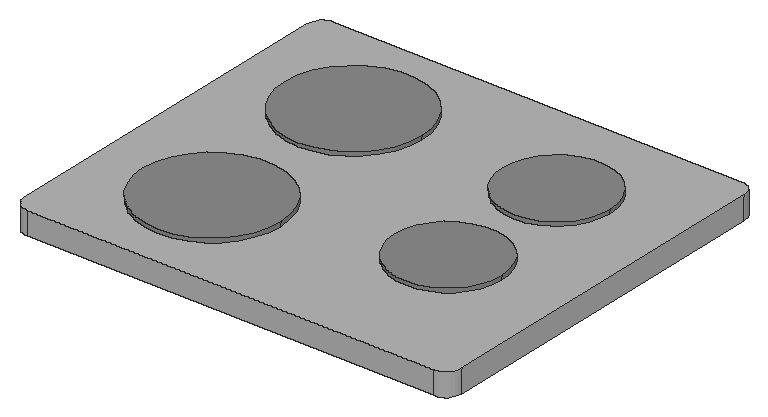
Revit family
Parameters
  Depth = 502 mm
  Hob Material = Metal - Stainless Steel
  Width = 572 mm
Reference planes
  plane 1 "Center (Front/Back)": y = 0
  plane 2: z = 0
  plane 3 "Center (Left/Right)": x = 21
  plane 4: y = 251
  plane 5: x = -265
  plane 6: y = -251
  plane 7: x = 307
  plane 8: x = 287
  plane 9: x = 154
  plane 10: x = -112
  plane 11: y = 115.5
  plane 12: y = -115.5
  plane 13 "Top": z = 30
  plane 14: y = 231
  plane 15: y = -231
  plane 16: x = -245
  plane 17 "Top": z = 35
  plane 18: y = -61.868
  plane 19: y = -168.493
  plane 20: y = -190.445
  plane 21: x = 74.252
  plane 22: x = 127.586
  plane 23: x = 180.919
  plane 24: x = 234.252
Forms (mm)
  Extrusion 1, solid, material "Metal - Stainless Steel" <- "Hob Material"
    sketch origin (0, 0, 0) x (1, 0, 0) y (0, 1, 0)
      loop
        line (-245, -251) -> (287, -251)
        arc (287, -251) -> (301.142, -245.142) -> (307, -231) r 20
        line (307, -231) -> (307, 231)
        arc (307, 231) -> (301.142, 245.142) -> (287, 251) r 20
        line (287, 251) -> (-245, 251)
        arc (-245, 251) -> (-259.142, 245.142) -> (-265, 231) r 20
        line (-265, 231) -> (-265, -231)
        arc (-265, -231) -> (-259.142, -245.142) -> (-245, -251) r 20
    from 0 to 30
  Extrusion 2, solid, material "Metal - Paint Finish - Dark Gray, Matte"
    sketch origin (0, 0, 0) x (1, 0, 0) y (0, 1, 0)
      loop
        circle (-112, 115.5) r 90
      loop
        circle (-112, -115.5) r 90
      loop
        circle (154, 115.5) r 70
      loop
        circle (154, -61.868) r 70
    from 30 to 35
Lines and regions (mm)
  model lines
    curve 1: line (-245, 231, 30) -> (-245, 0, 30)
    curve 2: line (287, 231, 30) -> (-245, 231, 30)
    curve 3: line (-245, 0, 30) -> (-245, -231, 30)
    curve 4: line (287, -231, 30) -> (-245, -231, 30)
    curve 5: line (287, 231, 30) -> (287, 0, 30)
    curve 6: line (287, 0, 30) -> (287, -231, 30)
    curve 7: arc (180.913, -200.471, 30) -> (170.916, -190.469, 30) -> (180.918, -180.472, 30) r 10
    curve 8: arc (180.918, -180.472, 30) -> (190.915, -190.474, 30) -> (180.913, -200.471, 30) r 10
    curve 9: arc (180.917, -175.484, 30) -> (195.813, -188.846, 30) -> (184.15, -205.105, 30) r 14.987
    curve 10: line (177.671, -199.93, 30) -> (177.671, -225.332, 30)
    curve 11: line (177.671, -225.332, 30) -> (184.15, -225.332, 30)
    curve 12: line (184.15, -199.933, 30) -> (184.15, -225.332, 30)
    curve 13: arc (177.671, -205.105, 30) -> (166.015, -188.839, 30) -> (180.917, -175.484, 30) r 14.988
    curve 14: arc (127.58, -200.459, 30) -> (117.582, -190.457, 30) -> (127.585, -180.459, 30) r 10
    curve 15: arc (127.585, -180.459, 30) -> (137.582, -190.462, 30) -> (127.58, -200.459, 30) r 10
    curve 16: arc (127.586, -175.459, 30) -> (142.495, -188.831, 30) -> (130.822, -205.106, 30) r 15
    curve 17: line (124.338, -199.918, 30) -> (124.338, -225.32, 30)
    curve 18: line (124.338, -225.32, 30) -> (130.822, -225.32, 30)
    curve 19: line (130.822, -199.92, 30) -> (130.822, -225.32, 30)
    curve 20: arc (124.338, -205.104, 30) -> (112.673, -188.826, 30) -> (127.586, -175.459, 30) r 15
    curve 21: arc (234.246, -200.483, 30) -> (224.249, -190.481, 30) -> (234.251, -180.484, 30) r 10
    curve 22: arc (234.251, -180.484, 30) -> (244.248, -190.486, 30) -> (234.246, -200.483, 30) r 10
    curve 23: arc (234.251, -175.496, 30) -> (249.146, -188.858, 30) -> (237.483, -205.118, 30) r 14.987
    curve 24: line (231.005, -199.942, 30) -> (231.005, -225.345, 30)
    curve 25: line (231.005, -225.345, 30) -> (237.483, -225.345, 30)
    curve 26: line (237.483, -199.946, 30) -> (237.483, -225.345, 30)
    curve 27: arc (231.005, -205.117, 30) -> (219.349, -188.851, 30) -> (234.251, -175.496, 30) r 14.988
    curve 28: arc (74.247, -200.447, 30) -> (64.249, -190.445, 30) -> (74.251, -180.447, 30) r 10
    curve 29: arc (74.251, -180.447, 30) -> (84.249, -190.449, 30) -> (74.247, -200.447, 30) r 10
    curve 30: arc (74.252, -175.447, 30) -> (89.162, -188.819, 30) -> (77.489, -205.093, 30) r 15
    curve 31: line (71.005, -199.906, 30) -> (71.005, -225.308, 30)
    curve 32: line (71.005, -225.308, 30) -> (77.489, -225.308, 30)
    curve 33: line (77.489, -199.908, 30) -> (77.489, -225.308, 30)
    curve 34: arc (71.005, -205.091, 30) -> (59.339, -188.813, 30) -> (74.252, -175.447, 30) r 15
    curve 35: line (21, -231, 30) -> (21, -168.493, 30)
    curve 36: line (21, -168.493, 30) -> (287, -168.493, 30)
  symbolic lines
    curve 37: line (-245, 251, 0) -> (287, 251, 0)
    curve 38: line (-265, -231, 0) -> (-265, 231, 0)
    curve 39: line (287, -251, 0) -> (-245, -251, 0)
    curve 40: line (307, 231, 0) -> (307, -231, 0)
    curve 41: arc (-22, 115.5, 0) -> (-112, 205.5, 0) -> (-202, 115.5, 0) r 90
    curve 42: arc (-202, 115.5, 0) -> (-112, 25.5, 0) -> (-22, 115.5, 0) r 90
    curve 43: arc (224, 115.5, 0) -> (154, 185.5, 0) -> (84, 115.5, 0) r 70
    curve 44: arc (84, 115.5, 0) -> (154, 45.5, 0) -> (224, 115.5, 0) r 70
    curve 45: arc (224, -61.868, 0) -> (154, 8.132, 0) -> (84, -61.868, 0) r 70
    curve 46: arc (84, -61.868, 0) -> (154, -131.868, 0) -> (224, -61.868, 0) r 70
    curve 47: arc (-22, -115.5, 0) -> (-112, -25.5, 0) -> (-202, -115.5, 0) r 90
    curve 48: arc (-202, -115.5, 0) -> (-112, -205.5, 0) -> (-22, -115.5, 0) r 90
    curve 49: arc (-245, 251, 0) -> (-259.142, 245.142, 0) -> (-265, 231, 0) r 20
    curve 50: arc (287, 251, 0) -> (301.142, 245.142, 0) -> (307, 231, 0) r 20
    curve 51: arc (287, -251, 0) -> (301.142, -245.142, 0) -> (307, -231, 0) r 20
    curve 52: arc (-245, -251, 0) -> (-259.142, -245.142, 0) -> (-265, -231, 0) r 20
Dimensions and locks
  "Width": plane 5 to plane 7
  "Depth": plane 6 to plane 4
  plane 8 to plane 7 = 20 mm
  equal spacing: plane 14, plane 11, plane 1 "Center (Front/Back)", plane 12, plane 15
  plane 4 to plane 14 = 20 mm
  plane 15 to plane 6 = 20 mm
  plane 5 to plane 16 = 20 mm
  equal spacing: plane 16, plane 10, plane 3 "Center (Left/Right)", plane 9, plane 8
  plane 6 to plane 20 = 60.555 mm
  plane 20 to plane 19 = 21.952 mm
  plane 21 to plane 22 to plane 23 to plane 24 to plane 7 = 53.333 mm, 53.333 mm, 53.333 mm, 72.748 mm
  locked: plane 13 "Top" to plane 2 at 30
  aligned and locked: plane 6 to Extrusion 1 sketch curve
  aligned and locked: Extrusion 1 sketch curve to plane 7
  aligned and locked: plane 5 to Extrusion 1 sketch curve
  aligned and locked: Extrusion 1 sketch curve to plane 4
  aligned and locked: plane 13 "Top" to Extrusion 1
  aligned and locked: Extrusion 2 to Extrusion 1
Automatic sketch dimensions
  Extrusion 1 sketch curve to plane 5 = 20 mm  (x2)
  plane 7 to Extrusion 1 sketch curve = 20 mm  (x2)
  Extrusion 2 sketch curve to plane 12 = 0 mm
  Extrusion 2 sketch curve to plane 11 = 0 mm  (x2)
  Extrusion 2 sketch curve to plane 10 = 0 mm  (x2)
  Extrusion 2 sketch curve to plane 18 = 0 mm
  Extrusion 2 sketch curve to plane 9 = 0 mm  (x2)
  Extrusion 2 sketch curve to plane 5 = 63 mm  (x2)
  Extrusion 2 sketch curve to Extrusion 2 sketch curve = 70 mm  (x2)
  curve 38 to plane 5 = 0 mm
  curve 3 to plane 15 = 0 mm
  curve 3 to plane 16 = 0 mm
  curve 49 to plane 4 = 0 mm
  curve 49 to plane 16 = 0 mm
  curve 52 to plane 6 = 0 mm
  curve 47 to plane 12 = 0 mm
  curve 42 to plane 11 = 0 mm
  curve 42 to plane 10 = 0 mm
  curve 47 to plane 10 = 0 mm
  curve 35 to plane 3 "Center (Left/Right)" = 0 mm
  plane 21 to curve 34 = 0 mm
  curve 45 to plane 18 = 0 mm
  curve 44 to plane 11 = 0 mm
  plane 22 to curve 16 = 0 mm
  curve 46 to plane 9 = 0 mm
  curve 44 to plane 9 = 0 mm
  plane 23 to curve 13 = 0.002 mm
  plane 24 to curve 27 = 0.002 mm
  curve 50 to plane 8 = 0 mm
  curve 36 to plane 8 = 0 mm
  curve 39 to plane 8 = 0 mm
  curve 51 to plane 7 = 0 mm
  curve 36 to plane 19 = 0 mm
  curve 1 to plane 1 "Center (Front/Back)" = 0 mm
  curve 5 to plane 1 "Center (Front/Back)" = 0 mm
  curve 2 to plane 14 = 0 mm
  curve 3 to curve 52 = 0 mm
  curve 47 to plane 5 = 63 mm
  curve 42 to plane 5 = 63 mm
  plane 21 to curve 32 = 3.248 mm
  plane 21 to curve 34 = 3.248 mm
  plane 21 to curve 31 = 3.248 mm
  plane 21 to curve 28 = 0.006 mm
  plane 20 to curve 28 = 0.002 mm
  plane 21 to curve 28 = 0.003 mm
  curve 28 to curve 34 = 0.001 mm
  curve 30 to curve 34 = 0 mm
  curve 29 to curve 28 = 0 mm
  plane 21 to curve 29 = 0.001 mm
  plane 15 to curve 33 = 5.692 mm
  curve 31 to curve 33 = 6.484 mm
  curve 30 to plane 21 = 3.236 mm
  curve 45 to plane 21 = 9.748 mm
  curve 44 to plane 21 = 9.748 mm
  plane 22 to curve 18 = 3.248 mm
  plane 22 to curve 20 = 3.248 mm
  plane 22 to curve 17 = 3.248 mm
  plane 22 to curve 14 = 0.006 mm
  plane 20 to curve 20 = 0.015 mm
  plane 22 to curve 20 = 0.002 mm
  curve 14 to curve 20 = 0.001 mm
  curve 16 to curve 20 = 0 mm
  curve 15 to curve 14 = 0 mm
  plane 22 to curve 14 = 0.001 mm
  plane 15 to curve 19 = 5.68 mm
  curve 17 to curve 19 = 6.484 mm
  curve 16 to plane 22 = 3.236 mm
  plane 23 to curve 10 = 3.248 mm  (x2)
  plane 23 to curve 13 = 3.248 mm
  plane 23 to curve 8 = 0.006 mm
  plane 23 to curve 13 = 0.005 mm
  curve 13 to curve 7 = 0.001 mm
  curve 8 to curve 7 = 0 mm
  curve 9 to curve 13 = 0 mm
  plane 23 to curve 7 = 0.001 mm
  plane 15 to curve 12 = 5.668 mm
  curve 12 to plane 23 = 3.23 mm
  curve 9 to plane 23 = 3.23 mm
  plane 24 to curve 24 = 3.248 mm  (x2)
  plane 24 to curve 27 = 3.248 mm
  plane 24 to curve 21 = 0.006 mm
  plane 24 to curve 22 = 0.004 mm
  curve 27 to curve 22 = 0.001 mm
  curve 23 to curve 27 = 0 mm
  curve 21 to curve 22 = 0 mm
  plane 24 to curve 22 = 0.001 mm
  plane 15 to curve 25 = 5.655 mm
  curve 25 to plane 24 = 3.23 mm
  curve 23 to plane 24 = 3.23 mm
  curve 25 to curve 23 = 20.227 mm
  curve 11 to curve 9 = 20.227 mm
  curve 16 to curve 20 = 14.647 mm
  curve 30 to curve 28 = 14.646 mm
  curve 22 to curve 24 = 0.541 mm
  curve 8 to curve 10 = 0.541 mm
  curve 14 to curve 17 = 0.541 mm
  curve 23 to curve 21 = 0 mm
  curve 13 to curve 8 = 0 mm
  curve 28 to curve 34 = 0 mm
